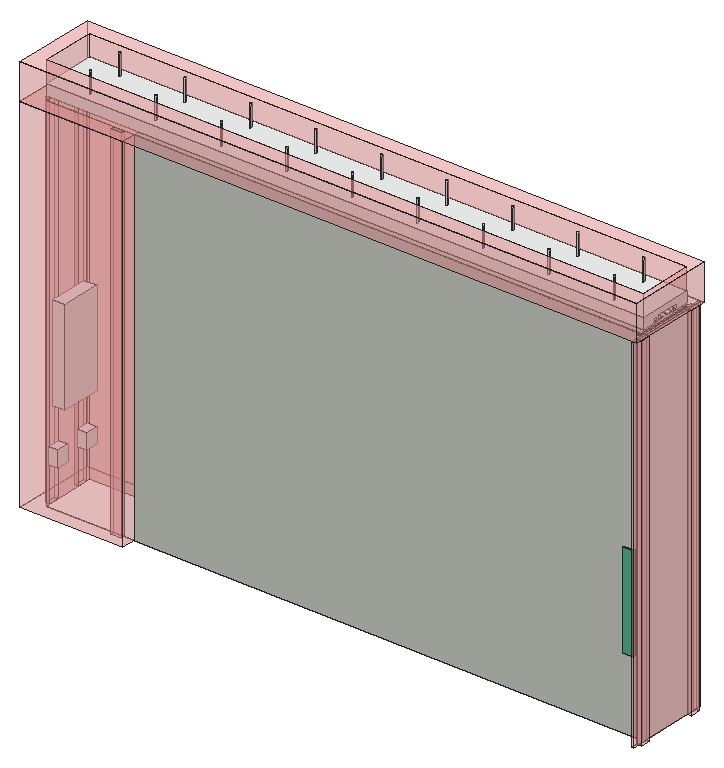
Revit family "Doors-Sliding_WON-DOOR_FireGuard-Straight_Flat-Lead-Post - Test V1 - all heights", category Doors, host Wall, Revit 2022 (continued)
Dimensions and locks (in)
  aligned and locked: plane 18 to Masking region 3 sketch curve
  aligned and locked: Masking region 4 sketch curve to plane 3 "Left"
  aligned and locked: Masking region 4 sketch curve to plane 4 "Right"
  aligned and locked: Masking region 4 sketch curve to plane 18
  aligned and locked: Masking region 4 sketch curve to plane 19
  aligned and locked: Masking region 5 sketch curve to plane 18
  aligned and locked: Masking region 5 sketch curve to plane 19
  aligned and locked: Masking region 5 sketch curve to plane 3 "Left"
  aligned and locked: Masking region 5 sketch curve to plane 4 "Right"
  aligned and locked: Masking region 6 sketch curve to plane 18
  aligned and locked: Masking region 6 sketch curve to plane 19
  aligned and locked: Masking region 6 sketch curve to plane 4 "Right"
  aligned and locked: Masking region 6 sketch curve to plane 3 "Left"
  aligned and locked: Masking region 7 sketch curve to plane 3 "Left"
  aligned and locked: Masking region 7 sketch curve to plane 15
  aligned and locked: Masking region 7 sketch curve to plane 14
  aligned and locked: Masking region 7 sketch curve to plane 13
  aligned and locked: Masking region 7 sketch curve to plane 8
  aligned and locked: Masking region 7 sketch curve to plane 18
  aligned and locked: Masking region 7 sketch curve to plane 19
  aligned and locked: Masking region 8 sketch curve to plane 3 "Left"
  aligned and locked: Masking region 8 sketch curve to Extrusion 14  (x4)
  aligned and locked: Extrusion 14 to Masking region 8 sketch curve
  aligned and locked: Masking region 9 sketch curve to plane 3 "Left"
  aligned and locked: Masking region 9 sketch curve to Extrusion 15  (x3)
  aligned and locked: curve 3 to plane 20
  aligned and locked: Masking region 12 to curve 5
  aligned and locked: Masking region 13 to curve 5
  aligned and locked: curve 6 to Masking region 12
  aligned and locked: Masking region 13 to curve 6
  aligned and locked: curve 4 to plane 1 "Center (Front/Back)"
  aligned and locked: curve 3 to plane 1 "Center (Front/Back)"
  aligned and locked: curve 5 to Masking region 18
  aligned and locked: Masking region 18 to curve 6
  aligned and locked: Masking region 20 to curve 6
  aligned and locked: curve 5 to Masking region 20
  aligned and locked: plane 1 "Center (Front/Back)" to curve 1
  aligned and locked: Masking region 21 sketch curve to plane 18
  aligned and locked: Masking region 21 sketch curve to plane 8
  aligned and locked: Masking region 21 sketch curve to plane 19
  aligned and locked: Masking region 21 sketch curve to plane 3 "Left"
  aligned and locked: Masking region 17 sketch curve to plane 8
  aligned and locked: Masking region 17 sketch curve to plane 18
  aligned and locked: Masking region 19 sketch curve to plane 8
  aligned and locked: Extrusion 3 to plane 5 "Top"
  aligned and locked: Extrusion 17 sketch curve to plane 18
  aligned and locked: Extrusion 17 sketch curve to plane 19
  aligned and locked: Extrusion 17 sketch curve to plane 8
  aligned and locked: Extrusion 17 sketch curve to plane 3 "Left"
  aligned and locked: Extrusion 17 to plane 5 "Top"
  aligned and locked: nested 1 to plane 8
  aligned and locked: nested 1 to plane 1 "Center (Front/Back)"
  aligned and locked: plane 22 to nested 1
  aligned and locked: plane 10 to Extrusion 2 sketch curve
  aligned and locked: Extrusion 2 sketch curve to plane 9
  aligned and locked: plane 18 to Extrusion 2 sketch curve
  aligned and locked: Extrusion 11 sketch curve to plane 19
  aligned and locked: Extrusion 11 sketch curve to plane 18
  aligned and locked: Extrusion 9 sketch curve to plane 19
  aligned and locked: Extrusion 9 sketch curve to plane 18
  aligned and locked: Extrusion 10 sketch curve to plane 19
  aligned and locked: Extrusion 10 sketch curve to plane 18
  aligned and locked: plane 24 to Extrusion 18 sketch curve
  aligned and locked: Extrusion 18 sketch curve to plane 18
  aligned and locked: Extrusion 18 sketch curve to plane 24
  aligned and locked: Extrusion 18 sketch curve to plane 19
  aligned and locked: Extrusion 18 to plane 27  (x2)
  aligned and locked: Extrusion 19 sketch curve to plane 8
  aligned and locked: plane 8 to Extrusion 19 sketch curve
  aligned and locked: Extrusion 20 sketch curve to plane 4 "Right"
  aligned and locked: plane 13 to Extrusion 20 sketch curve
  aligned and locked: plane 14 to Extrusion 20 sketch curve
  aligned and locked: plane 32 to Extrusion 21 sketch curve
  aligned and locked: plane 33 to Extrusion 21 sketch curve
  aligned and locked: Extrusion 18 to plane 5 "Top"
  aligned and locked: Extrusion 19 to plane 5 "Top"
  aligned and locked: Extrusion 21 to plane 5 "Top"
  aligned and locked: Extrusion 20 to plane 5 "Top"
  aligned and locked: Masking region 22 sketch curve to plane 18
  aligned and locked: Masking region 22 sketch curve to plane 19
  aligned and locked: Masking region 22 sketch curve to plane 27
  aligned and locked: plane 24 to Masking region 22 sketch curve
  aligned and locked: plane 27 to Masking region 22 sketch curve
  aligned and locked: Masking region 22 sketch curve to plane 24
  aligned and locked: Masking region 23 sketch curve to plane 8
  aligned and locked: plane 8 to Masking region 23 sketch curve
  aligned and locked: Masking region 24 sketch curve to plane 4 "Right"
  aligned and locked: plane 13 to Masking region 24 sketch curve
  aligned and locked: plane 14 to Masking region 24 sketch curve
  aligned and locked: plane 36 to Masking region 25 sketch curve
  aligned and locked: plane 37 to Masking region 25 sketch curve
  aligned and locked: host wall to Extrusion 13 sketch curve  (x2)
  aligned and locked: Extrusion 13 to plane 5 "Top"
  aligned and locked: Extrusion 13 sketch curve to plane 3 "Left"
  aligned and locked: Extrusion 22 sketch curve to plane 18
  aligned and locked: Extrusion 22 sketch curve to plane 19
  aligned and locked: Extrusion 22 sketch curve to plane 8
  aligned and locked: Extrusion 22 to plane 5 "Top"
  aligned and locked: plane 17 to Extrusion 22
  aligned and locked: Extrusion 12 sketch curve to plane 38
  aligned and locked: Masking region 3 sketch curve to plane 39
  aligned and locked: plane 39 to Masking region 3 sketch curve
  aligned and locked: Extrusion 22 sketch curve to plane 4 "Right"
  aligned and locked: Extrusion 9 to plane 4 "Right"
  aligned and locked: Extrusion 10 to plane 4 "Right"
  aligned and locked: Extrusion 11 to plane 4 "Right"
  aligned and locked: curve 45 to Masking region 7
  aligned and locked: curve 46 to plane 15
  aligned and locked: curve 47 to Masking region 7
  aligned and locked: curve 48 to Masking region 7
  aligned and locked: curve 49 to Masking region 21
  aligned and locked: curve 50 to Masking region 21
  aligned and locked: curve 51 to Masking region 21
  aligned and locked: curve 52 to Masking region 7
  aligned and locked: curve 53 to Masking region 23
  aligned and locked: curve 54 to Masking region 23
  aligned and locked: curve 55 to Masking region 23
  aligned and locked: curve 56 to Masking region 23
  aligned and locked: curve 57 to Masking region 23
  aligned and locked: curve 58 to Masking region 23
  aligned and locked: curve 59 to Masking region 23
  aligned and locked: curve 60 to Masking region 23
  aligned and locked: curve 61 to Masking region 22
  aligned and locked: curve 62 to Masking region 22
  aligned and locked: curve 63 to Masking region 22
  aligned and locked: curve 64 to Masking region 22
  aligned and locked: curve 65 to Masking region 22
  aligned and locked: curve 66 to Masking region 22
  aligned and locked: curve 67 to Masking region 22
  aligned and locked: curve 68 to Masking region 22
  aligned and locked: curve 69 to Masking region 25
  aligned and locked: curve 70 to Masking region 25
  aligned and locked: curve 71 to Masking region 25
  aligned and locked: curve 72 to Masking region 25
  aligned and locked: curve 73 to Masking region 25
  aligned and locked: curve 74 to Masking region 25
  aligned and locked: curve 75 to Masking region 25
  aligned and locked: curve 76 to Masking region 25
  aligned and locked: curve 77 to Masking region 24
  aligned and locked: curve 78 to Masking region 24
  aligned and locked: curve 79 to Masking region 24
  aligned and locked: curve 80 to Masking region 24
  aligned and locked: plane 5 "Top" to Extrusion 23
  aligned and locked: plane 5 "Top" to Extrusion 24
  aligned and locked: Extrusion 25 to plane 5 "Top"
  aligned and locked: Extrusion 26 to plane 5 "Top"
  aligned and locked: Extrusion 1 sketch curve to plane 40
  aligned and locked: Extrusion 27 to plane 5 "Top"
  aligned and locked: Extrusion 27 sketch curve to plane 41
  aligned and locked: Extrusion 27 sketch curve to plane 3 "Left"
  aligned and locked: Extrusion 27 sketch curve to plane 19
  aligned and locked: Extrusion 27 sketch curve to plane 18
  aligned and locked: plane 42 to nested 2  (x2)
  aligned and locked: plane 44 to nested 2
  aligned and locked: plane 45 to nested 2
  aligned and locked: plane 43 to nested 3
  aligned and locked: nested 3 to plane 44
  aligned and locked: nested 3 to plane 45
Automatic sketch dimensions
  Masking region 11 sketch curve to curve 3 = 0' - 0 7/8"
  curve 3 to Masking region 11 sketch curve = 0' - 0.06235"  (x2)
  Masking region 11 sketch curve to Masking region 11 sketch curve = 0' - 0.06836"
  Masking region 11 sketch curve to curve 3 = 0' - 0.03485"
  Masking region 11 sketch curve to Masking region 11 sketch curve = 0' - 0.042"  (x3)
  Masking region 11 sketch curve to curve 3 = 0' - 0.74285"  (x2)
  Masking region 11 sketch curve to Masking region 11 sketch curve = 0' - 1.539"  (x2)
  Masking region 11 sketch curve to Masking region 11 sketch curve = 0' - 0.01642"  (x2)
  Masking region 11 sketch curve to Masking region 11 sketch curve = 0' - 0.36479"  (x2)
  curve 3 to Masking region 11 sketch curve = 0' - 0.11756"
  curve 3 to Masking region 12 sketch curve = 0' - 2.26655"
  Masking region 12 sketch curve to Masking region 12 sketch curve = 0' - 0"  (x38)
  Masking region 12 sketch curve to Masking region 12 sketch curve = 0' - 0.00212"  (x10)
  Masking region 12 sketch curve to Masking region 12 sketch curve = 0' - 0.07411"  (x8)
  Masking region 12 sketch curve to Masking region 12 sketch curve = 0' - 0.07622"  (x2)
  Masking region 12 sketch curve to curve 3 = 0' - 0.56872"  (x2)
  Masking region 12 sketch curve to Masking region 12 sketch curve = 0' - 0.21031"
  Masking region 12 sketch curve to Masking region 12 sketch curve = 0' - 0.03303"  (x2)
  Masking region 12 sketch curve to Masking region 12 sketch curve = 0' - 0.90905"  (x2)
  Masking region 12 sketch curve to Masking region 12 sketch curve = 0' - 0.0008"  (x8)
  Masking region 12 sketch curve to Masking region 12 sketch curve = 0' - 0.00292"  (x2)
  Masking region 12 sketch curve to Masking region 12 sketch curve = 0' - 0.7781"
  Masking region 12 sketch curve to Masking region 12 sketch curve = 0' - 0.00759"  (x2)
  Masking region 12 sketch curve to Masking region 12 sketch curve = 0' - 0.71994"  (x4)
  Masking region 12 sketch curve to Masking region 12 sketch curve = 0' - 0.00469"  (x8)
  Masking region 12 sketch curve to Masking region 12 sketch curve = 0' - 0.00258"  (x4)
  Masking region 12 sketch curve to curve 3 = 0' - 1.94356"  (x2)
  Masking region 12 sketch curve to Masking region 12 sketch curve = 0' - 0.70092"
  Masking region 12 sketch curve to curve 3 = 0' - 1.91845"  (x2)
  Masking region 12 sketch curve to Masking region 12 sketch curve = 0' - 0.00238"  (x2)
  Masking region 12 sketch curve to Masking region 12 sketch curve = 0' - 0.75013"
  Masking region 12 sketch curve to Masking region 12 sketch curve = 0' - 0.0047"  (x8)
  Masking region 12 sketch curve to curve 3 = 0' - 1.91447"  (x2)
  Masking region 12 sketch curve to Masking region 12 sketch curve = 0' - 0.77207"  (x2)
  Masking region 12 sketch curve to curve 3 = 0' - 1.88931"  (x2)
  Masking region 12 sketch curve to Masking region 12 sketch curve = 0' - 0.00213"  (x2)
  Masking region 12 sketch curve to Masking region 12 sketch curve = 0' - 0.4"  (x10)
  Masking region 12 sketch curve to Masking region 12 sketch curve = 0' - 0.0017"  (x8)
  Masking region 12 sketch curve to Masking region 12 sketch curve = 0' - 0.00381"  (x2)
  Masking region 12 sketch curve to curve 3 = 0' - 2.00039"  (x2)
  Masking region 12 sketch curve to Masking region 12 sketch curve = 0' - 0.39066"
  Masking region 12 sketch curve to curve 3 = 0' - 1.9766"  (x2)
  Masking region 12 sketch curve to Masking region 12 sketch curve = 0' - 0.00837"  (x2)
  Masking region 12 sketch curve to Masking region 12 sketch curve = 0' - 0.7478"  (x3)
  Masking region 12 sketch curve to Masking region 12 sketch curve = 0' - 0.00208"  (x8)
  Masking region 12 sketch curve to Masking region 12 sketch curve = 0' - 0.00419"  (x2)
  Masking region 12 sketch curve to curve 3 = 0' - 2.35149"  (x2)
  Masking region 12 sketch curve to Masking region 12 sketch curve = 0' - 0.04907"
  Masking region 12 sketch curve to curve 3 = 0' - 2.32796"  (x2)
  Masking region 12 sketch curve to Masking region 12 sketch curve = 0' - 0.00897"  (x2)
  Masking region 12 sketch curve to Masking region 12 sketch curve = 0' - 0.72011"  (x2)
  Masking region 12 sketch curve to curve 3 = 0' - 3.25135"  (x2)
  Masking region 12 sketch curve to Masking region 12 sketch curve = 0' - 0.00364"  (x8)
  Masking region 12 sketch curve to Masking region 12 sketch curve = 0' - 0.00152"  (x2)
  Masking region 12 sketch curve to curve 3 = 0' - 2.50739"  (x2)
  Masking region 12 sketch curve to Masking region 12 sketch curve = 0' - 0.03785"
  Masking region 12 sketch curve to curve 3 = 0' - 2.4826"  (x2)
  Masking region 12 sketch curve to Masking region 12 sketch curve = 0' - 0.00322"  (x2)
  Masking region 12 sketch curve to curve 3 = 0' - 2.9"  (x2)
  Masking region 12 sketch curve to Masking region 12 sketch curve = 0' - 0.78136"
  Masking region 12 sketch curve to curve 3 = 0' - 3.41063"  (x2)
  Masking region 12 sketch curve to Masking region 12 sketch curve = 0' - 0.02711"  (x3)
  Masking region 12 sketch curve to curve 3 = 0' - 2.89763"  (x2)
  Masking region 12 sketch curve to Masking region 12 sketch curve = 0' - 0.80847"
  Masking region 12 sketch curve to curve 3 = 0' - 2.61662"  (x2)
  Masking region 12 sketch curve to Masking region 12 sketch curve = 0' - 0.07004"  (x9)
  Masking region 12 sketch curve to curve 3 = 0' - 3.68781"  (x2)
  Masking region 12 sketch curve to Masking region 12 sketch curve = 0' - 0.06792"  (x2)
  Masking region 12 sketch curve to curve 3 = 0' - 3.17481"  (x2)
  Masking region 12 sketch curve to curve 3 = 0' - 2.59576"  (x2)
  Masking region 12 sketch curve to Masking region 12 sketch curve = 0' - 0.03345"  (x2)
  Masking region 12 sketch curve to Masking region 12 sketch curve = 0' - 2.98217"
  Masking region 12 sketch curve to curve 3 = 0' - 4.20514"
  Masking region 12 sketch curve to Masking region 12 sketch curve = 0' - 0.03133"
  Masking region 12 sketch curve to curve 3 = 0' - 5.23989"
  Masking region 12 sketch curve to curve 3 = 0' - 4.7219"
  Masking region 12 sketch curve to curve 3 = 0' - 3.92796"
  Masking region 12 sketch curve to curve 3 = 0' - 4.96271"
  Masking region 12 sketch curve to curve 3 = 0' - 4.44471"
  Masking region 12 sketch curve to Masking region 12 sketch curve = 0' - 0.83744"
  Masking region 12 sketch curve to curve 3 = 0' - 4.28168"
  Masking region 12 sketch curve to Masking region 12 sketch curve = 0' - 0.80483"
  Masking region 12 sketch curve to curve 3 = 0' - 4.79844"
  Masking region 12 sketch curve to curve 3 = 0' - 5.31643"
  Masking region 12 sketch curve to Masking region 12 sketch curve = 0' - 0.03421"
  Masking region 12 sketch curve to curve 3 = 0' - 5.03341"
  Masking region 12 sketch curve to curve 3 = 0' - 3.99865"
  Masking region 12 sketch curve to Masking region 12 sketch curve = 0' - 0 45/64"
  Masking region 12 sketch curve to Masking region 12 sketch curve = 0' - 0.69078"
  Masking region 12 sketch curve to curve 3 = 0' - 4.32065"
  Masking region 12 sketch curve to curve 3 = 0' - 3.80389"
  Masking region 12 sketch curve to curve 3 = 0' - 5.12177"
  Masking region 12 sketch curve to curve 3 = 0' - 4.60378"
  Masking region 12 sketch curve to Masking region 12 sketch curve = 0' - 0.38853"
  Masking region 12 sketch curve to curve 3 = 0' - 4.08702"
  Masking region 12 sketch curve to curve 3 = 0' - 3.05669"
  Masking region 12 sketch curve to curve 3 = 0' - 3.28657"
  Masking region 12 sketch curve to Masking region 12 sketch curve = 0' - 0.74543"  (x2)
  Masking region 12 sketch curve to curve 3 = 0' - 3.25145"
  Masking region 12 sketch curve to curve 3 = 0' - 4.51544"
  Masking region 12 sketch curve to curve 3 = 0' - 1.76378"
  Masking region 12 sketch curve to Masking region 12 sketch curve = 0' - 0.7033"
  Masking region 12 sketch curve to curve 3 = 0' - 1.78774"
  Masking region 12 sketch curve to curve 3 = 0' - 3.99868"
  Masking region 12 sketch curve to curve 3 = 0' - 4.79854"
  Masking region 12 sketch curve to curve 3 = 0' - 5.31653"
  Masking region 12 sketch curve to curve 3 = 0' - 3.48135"
  Masking region 12 sketch curve to curve 3 = 0' - 2.96835"
  Masking region 12 sketch curve to curve 3 = 0' - 3.76445"
  Masking region 12 sketch curve to Masking region 12 sketch curve = 0' - 0.78569"
  Masking region 12 sketch curve to curve 3 = 0' - 3.91908"
  Masking region 12 sketch curve to Masking region 12 sketch curve = 0' - 0.90985"
  Masking region 12 sketch curve to curve 3 = 0' - 4.43584"
  Masking region 12 sketch curve to curve 3 = 0' - 4.95383"
  Masking region 12 sketch curve to curve 3 = 0' - 3.40175"
  Masking region 12 sketch curve to curve 3 = 0' - 2.88875"
  Masking region 12 sketch curve to curve 3 = 0' - 4.19564"
  Masking region 12 sketch curve to curve 3 = 0' - 4.7124"
  Masking region 12 sketch curve to curve 3 = 0' - 5.2304"
  Masking region 12 sketch curve to curve 3 = 0' - 3.16532"
  Masking region 12 sketch curve to curve 3 = 0' - 3.67832"
  Masking region 12 sketch curve to Masking region 12 sketch curve = 0' - 0.94882"
  Masking region 12 sketch curve to Masking region 12 sketch curve = 0' - 0.24623"
  Masking region 12 sketch curve to Masking region 12 sketch curve = 0' - 0.01584"  (x2)
  Masking region 12 sketch curve to Masking region 12 sketch curve = 0' - 0.15467"
  Masking region 12 sketch curve to Masking region 12 sketch curve = 0' - 0.02396"
  Masking region 12 sketch curve to Masking region 12 sketch curve = 0' - 0.28313"  (x6)
  Masking region 12 sketch curve to Masking region 12 sketch curve = 0' - 0.8591"
  Masking region 12 sketch curve to Masking region 12 sketch curve = 0' - 1.35536"
  Masking region 12 sketch curve to Masking region 12 sketch curve = 0' - 0.28303"  (x6)
  Masking region 12 sketch curve to Masking region 12 sketch curve = 0' - 0.19479"
  Masking region 12 sketch curve to Masking region 12 sketch curve = 0' - 0.27657"  (x5)
  Masking region 12 sketch curve to Masking region 12 sketch curve = 0' - 0.2831"  (x5)
  Masking region 12 sketch curve to Masking region 12 sketch curve = 0' - 0.22987"
  Masking region 12 sketch curve to Masking region 12 sketch curve = 0' - 0.23643"
  Masking region 12 sketch curve to Masking region 12 sketch curve = 0' - 0.22997"  (x2)
  Masking region 12 sketch curve to Masking region 12 sketch curve = 0' - 0.2299"
  Masking region 12 sketch curve to Masking region 12 sketch curve = 0' - 0.2342"  (x2)
  Masking region 12 sketch curve to Masking region 12 sketch curve = 0' - 0.2343"  (x2)
  Masking region 12 sketch curve to Masking region 12 sketch curve = 0' - 0.24076"
  Masking region 12 sketch curve to Masking region 12 sketch curve = 0' - 0.24014"
  Masking region 12 sketch curve to Masking region 12 sketch curve = 0' - 0.23423"
  Masking region 12 sketch curve to Masking region 12 sketch curve = 0' - 0.27718"  (x3)
  Masking region 12 sketch curve to Masking region 12 sketch curve = 0' - 0.23366"  (x2)
  Masking region 12 sketch curve to Masking region 12 sketch curve = 0' - 0.23363"
  Masking region 12 sketch curve to Masking region 12 sketch curve = 0' - 0.24019"
  Masking region 12 sketch curve to Masking region 12 sketch curve = 0' - 0.23958"
  Masking region 12 sketch curve to Masking region 12 sketch curve = 0' - 0.23373"  (x2)
  Masking region 12 sketch curve to Masking region 12 sketch curve = 0' - 0.23487"  (x2)
  Masking region 12 sketch curve to Masking region 12 sketch curve = 0' - 0.24143"
  Masking region 12 sketch curve to Masking region 12 sketch curve = 0' - 0.24081"
  Masking region 12 sketch curve to Masking region 12 sketch curve = 0' - 0.23497"
  Masking region 12 sketch curve to Masking region 12 sketch curve = 0' - 0.2349"  (x2)
  curve 4 to Masking region 13 sketch curve = 0' - 2.25436"
  Masking region 13 sketch curve to Masking region 13 sketch curve = 0' - 0"  (x28)
  Masking region 13 sketch curve to Masking region 13 sketch curve = 0' - 0.00212"  (x8)
  Masking region 13 sketch curve to Masking region 13 sketch curve = 0' - 0.01219"
  Masking region 13 sketch curve to Masking region 13 sketch curve = 0' - 0.07411"  (x6)
  Masking region 13 sketch curve to Masking region 13 sketch curve = 0' - 0.06191"  (x2)
  Masking region 13 sketch curve to Masking region 13 sketch curve = 0' - 0.07622"  (x2)
  Masking region 13 sketch curve to Masking region 13 sketch curve = 0' - 0.13851"
  Masking region 13 sketch curve to Masking region 13 sketch curve = 0' - 0.03303"  (x2)
  Masking region 13 sketch curve to Masking region 13 sketch curve = 0' - 0.90905"  (x2)
  Masking region 13 sketch curve to Masking region 13 sketch curve = 0' - 0.0008"  (x7)
  Masking region 13 sketch curve to Masking region 13 sketch curve = 0' - 0.00292"  (x2)
  Masking region 13 sketch curve to Masking region 13 sketch curve = 0' - 0.06285"  (x9)
  Masking region 13 sketch curve to Masking region 13 sketch curve = 0' - 0.84991"
  Masking region 13 sketch curve to Masking region 13 sketch curve = 0' - 0.00759"  (x2)
  Masking region 13 sketch curve to Masking region 13 sketch curve = 0' - 0.71994"  (x3)
  Masking region 13 sketch curve to Masking region 13 sketch curve = 0' - 0.6571"  (x2)
  Masking region 13 sketch curve to Masking region 13 sketch curve = 0' - 0.00469"  (x7)
  Masking region 13 sketch curve to Masking region 13 sketch curve = 0' - 0.00258"  (x4)
  Masking region 13 sketch curve to Masking region 13 sketch curve = 0' - 0.70092"
  Masking region 13 sketch curve to Masking region 13 sketch curve = 0' - 0.00238"  (x2)
  Masking region 13 sketch curve to Masking region 13 sketch curve = 0' - 0.74543"  (x2)
  Masking region 13 sketch curve to Masking region 13 sketch curve = 0' - 0.0047"  (x7)
  curve 4 to Masking region 13 sketch curve = 0' - 2.19803"  (x2)
  Masking region 13 sketch curve to Masking region 13 sketch curve = 0' - 0.77207"  (x2)
  curve 4 to Masking region 13 sketch curve = 0' - 2.17286"  (x2)
  Masking region 13 sketch curve to Masking region 13 sketch curve = 0' - 0.00213"  (x2)
  Masking region 13 sketch curve to Masking region 13 sketch curve = 0' - 0.4"  (x8)
  Masking region 13 sketch curve to Masking region 13 sketch curve = 0' - 0.0017"  (x7)
  Masking region 13 sketch curve to Masking region 13 sketch curve = 0' - 0.00381"  (x2)
  curve 4 to Masking region 13 sketch curve = 0' - 2.28394"  (x2)
  Masking region 13 sketch curve to Masking region 13 sketch curve = 0' - 0.39066"
  curve 4 to Masking region 13 sketch curve = 0' - 2.26015"  (x2)
  Masking region 13 sketch curve to Masking region 13 sketch curve = 0' - 0.00837"  (x2)
  Masking region 13 sketch curve to Masking region 13 sketch curve = 0' - 0.74568"
  Masking region 13 sketch curve to Masking region 13 sketch curve = 0' - 0.00208"  (x7)
  Masking region 13 sketch curve to Masking region 13 sketch curve = 0' - 0.00419"  (x2)
  curve 4 to Masking region 13 sketch curve = 0' - 2.63504"  (x2)
  Masking region 13 sketch curve to Masking region 13 sketch curve = 0' - 0.04907"
  curve 4 to Masking region 13 sketch curve = 0' - 2.61152"  (x2)
  Masking region 13 sketch curve to Masking region 13 sketch curve = 0' - 0.00897"  (x2)
  Masking region 13 sketch curve to Masking region 13 sketch curve = 0' - 0.72011"  (x2)
  curve 4 to Masking region 13 sketch curve = 0' - 3.25188"
  Masking region 13 sketch curve to Masking region 13 sketch curve = 0' - 0.65726"  (x2)
  Masking region 13 sketch curve to Masking region 13 sketch curve = 0' - 0.00152"  (x2)
  Masking region 13 sketch curve to Masking region 13 sketch curve = 0' - 0.00364"  (x7)
  curve 4 to Masking region 13 sketch curve = 0' - 2.79095"  (x2)
  Masking region 13 sketch curve to Masking region 13 sketch curve = 0' - 0.03785"
  curve 4 to Masking region 13 sketch curve = 0' - 2.76615"  (x2)
  Masking region 13 sketch curve to Masking region 13 sketch curve = 0' - 0.00322"  (x2)
  curve 4 to Masking region 13 sketch curve = 0' - 3.18356"  (x2)
  Masking region 13 sketch curve to Masking region 13 sketch curve = 0' - 0.78136"
  curve 4 to Masking region 13 sketch curve = 0' - 3.18119"  (x2)
  Masking region 13 sketch curve to Masking region 13 sketch curve = 0' - 0.02711"  (x3)
  curve 4 to Masking region 13 sketch curve = 0' - 3.69419"  (x2)
  Masking region 13 sketch curve to Masking region 13 sketch curve = 0' - 0.80847"
  Masking region 13 sketch curve to Masking region 13 sketch curve = 0' - 0.06118"  (x2)
  curve 4 to Masking region 13 sketch curve = 0' - 3.45837"  (x2)
  Masking region 13 sketch curve to Masking region 13 sketch curve = 0' - 0.07004"  (x7)
  curve 4 to Masking region 13 sketch curve = 0' - 2.90018"  (x2)
  Masking region 13 sketch curve to Masking region 13 sketch curve = 0' - 0.06792"  (x2)
  curve 4 to Masking region 13 sketch curve = 0' - 2.87931"  (x2)
  Masking region 13 sketch curve to Masking region 13 sketch curve = 0' - 0.03345"  (x2)
  Masking region 13 sketch curve to Masking region 13 sketch curve = 0' - 3.00656"
  curve 4 to Masking region 13 sketch curve = 0' - 4.48869"
  Masking region 13 sketch curve to Masking region 13 sketch curve = 0' - 0.03133"
  curve 4 to Masking region 13 sketch curve = 0' - 5.00545"
  curve 4 to Masking region 13 sketch curve = 0' - 3.97137"
  Masking region 13 sketch curve to Masking region 13 sketch curve = 0' - 0.00886"
  curve 4 to Masking region 13 sketch curve = 0' - 5.24627"
  curve 4 to Masking region 13 sketch curve = 0' - 4.72827"
  curve 4 to Masking region 13 sketch curve = 0' - 4.21151"
  Masking region 13 sketch curve to Masking region 13 sketch curve = 0' - 0.74562"
  Masking region 13 sketch curve to Masking region 13 sketch curve = 0' - 0.83744"
  curve 4 to Masking region 13 sketch curve = 0' - 4.56523"
  Masking region 13 sketch curve to Masking region 13 sketch curve = 0' - 0.80483"
  curve 4 to Masking region 13 sketch curve = 0' - 5.08199"
  Masking region 13 sketch curve to Masking region 13 sketch curve = 0' - 0.0592"
  Masking region 13 sketch curve to Masking region 13 sketch curve = 0' - 0.03421"
  curve 4 to Masking region 13 sketch curve = 0' - 4.04791"
  curve 4 to Masking region 13 sketch curve = 0' - 5.31696"
  curve 4 to Masking region 13 sketch curve = 0' - 4.79897"
  curve 4 to Masking region 13 sketch curve = 0' - 3.76488"
  curve 4 to Masking region 13 sketch curve = 0' - 5.55893"
  Masking region 13 sketch curve to Masking region 13 sketch curve = 0' - 0 45/64"
  curve 4 to Masking region 13 sketch curve = 0' - 4.28221"
  curve 4 to Masking region 13 sketch curve = 0' - 3.53491"
  Masking region 13 sketch curve to Masking region 13 sketch curve = 0' - 0.69078"
  Masking region 13 sketch curve to Masking region 13 sketch curve = 0' - 0.68703"
  curve 4 to Masking region 13 sketch curve = 0' - 4.60421"
  Masking region 13 sketch curve to Masking region 13 sketch curve = 0' - 0.7478"
  curve 4 to Masking region 13 sketch curve = 0' - 5.1222"
  curve 4 to Masking region 13 sketch curve = 0' - 3.05712"
  Masking region 13 sketch curve to Masking region 13 sketch curve = 0' - 0.74988"
  curve 4 to Masking region 13 sketch curve = 0' - 3.85325"
  Masking region 13 sketch curve to Masking region 13 sketch curve = 0' - 0.38853"
  Masking region 13 sketch curve to Masking region 13 sketch curve = 0' - 0.40639"
  curve 4 to Masking region 13 sketch curve = 0' - 4.37057"
  curve 4 to Masking region 13 sketch curve = 0' - 4.08745"
  curve 4 to Masking region 13 sketch curve = 0' - 3.57012"
  curve 4 to Masking region 13 sketch curve = 0' - 2.20201"
  curve 4 to Masking region 13 sketch curve = 0' - 2.22712"
  Masking region 13 sketch curve to Masking region 13 sketch curve = 0' - 0.75013"
  Masking region 13 sketch curve to Masking region 13 sketch curve = 0' - 0.05815"
  curve 4 to Masking region 13 sketch curve = 0' - 4.56533"
  curve 4 to Masking region 13 sketch curve = 0' - 4.04801"
  curve 4 to Masking region 13 sketch curve = 0' - 5.31699"
  curve 4 to Masking region 13 sketch curve = 0' - 4.28224"
  curve 4 to Masking region 13 sketch curve = 0' - 3.25191"
  curve 4 to Masking region 13 sketch curve = 0' - 2.04734"
  Masking region 13 sketch curve to Masking region 13 sketch curve = 0' - 0.7033"
  curve 4 to Masking region 13 sketch curve = 0' - 2.0713"
  curve 4 to Masking region 13 sketch curve = 0' - 5.55896"
  curve 4 to Masking region 13 sketch curve = 0' - 5.08209"
  curve 4 to Masking region 13 sketch curve = 0' - 3.76491"
  curve 4 to Masking region 13 sketch curve = 0' - 3.53501"
  Masking region 13 sketch curve to Masking region 13 sketch curve = 0' - 0.8575"
  curve 4 to Masking region 13 sketch curve = 0' - 5.23739"
  Masking region 13 sketch curve to Masking region 13 sketch curve = 0' - 0.90985"  (x2)
  curve 4 to Masking region 13 sketch curve = 0' - 4.71939"
  curve 4 to Masking region 13 sketch curve = 0' - 4.20263"
  curve 4 to Masking region 13 sketch curve = 0' - 3.17231"
  curve 4 to Masking region 13 sketch curve = 0' - 3.68531"
  curve 4 to Masking region 13 sketch curve = 0' - 5.46845"
  curve 4 to Masking region 13 sketch curve = 0' - 4.99596"
  curve 4 to Masking region 13 sketch curve = 0' - 4.4792"
  curve 4 to Masking region 13 sketch curve = 0' - 3.44887"
  curve 4 to Masking region 13 sketch curve = 0' - 3.96187"
  Masking region 13 sketch curve to Masking region 13 sketch curve = 0' - 2.30708"
  Masking region 13 sketch curve to Masking region 13 sketch curve = 0' - 0.00003"
  Masking region 13 sketch curve to Masking region 13 sketch curve = 0' - 0.24212"  (x2)
  Masking region 13 sketch curve to Masking region 13 sketch curve = 0' - 0.07055"
  Masking region 13 sketch curve to Masking region 13 sketch curve = 0' - 0.09052"
  Masking region 13 sketch curve to Masking region 13 sketch curve = 0' - 0.19479"
  Masking region 13 sketch curve to Masking region 13 sketch curve = 0' - 0.24197"  (x4)
  Masking region 13 sketch curve to Masking region 13 sketch curve = 0' - 0.23106"
  Masking region 13 sketch curve to Masking region 13 sketch curve = 0' - 0.2349"
  Masking region 13 sketch curve to Masking region 13 sketch curve = 0' - 0.23497"
  Masking region 13 sketch curve to Masking region 13 sketch curve = 0' - 0.24081"
  Masking region 13 sketch curve to Masking region 13 sketch curve = 0' - 0.24143"
  Masking region 13 sketch curve to Masking region 13 sketch curve = 0' - 0.23487"  (x2)
  Masking region 13 sketch curve to Masking region 13 sketch curve = 0' - 0.23366"  (x2)
  Masking region 13 sketch curve to Masking region 13 sketch curve = 0' - 0.2831"  (x4)
  Masking region 13 sketch curve to Masking region 13 sketch curve = 0' - 0.28303"  (x4)
  Masking region 13 sketch curve to Masking region 13 sketch curve = 0' - 0.27718"  (x2)
  Masking region 13 sketch curve to Masking region 13 sketch curve = 0' - 0.27657"  (x4)
  Masking region 13 sketch curve to Masking region 13 sketch curve = 0' - 0.28313"  (x4)
  Masking region 13 sketch curve to Masking region 13 sketch curve = 0' - 0.23373"
  Masking region 13 sketch curve to Masking region 13 sketch curve = 0' - 0.23958"
  Masking region 13 sketch curve to Masking region 13 sketch curve = 0' - 0.24019"
  Masking region 13 sketch curve to Masking region 13 sketch curve = 0' - 0.23363"
  Masking region 13 sketch curve to Masking region 13 sketch curve = 0' - 0.23423"
  Masking region 13 sketch curve to Masking region 13 sketch curve = 0' - 0.2343"
  Masking region 13 sketch curve to Masking region 13 sketch curve = 0' - 0.24014"
  Masking region 13 sketch curve to Masking region 13 sketch curve = 0' - 0.24076"
  Masking region 13 sketch curve to Masking region 13 sketch curve = 0' - 0.2342"
  Masking region 13 sketch curve to Masking region 13 sketch curve = 0' - 0.2299"
  Masking region 13 sketch curve to Masking region 13 sketch curve = 0' - 0.22997"
  Masking region 13 sketch curve to Masking region 13 sketch curve = 0' - 0.23643"
  Masking region 13 sketch curve to Masking region 13 sketch curve = 0' - 0.22987"  (x2)
  Masking region 13 sketch curve to Masking region 13 sketch curve = 0' - 0.02909"
  Masking region 13 sketch curve to Masking region 13 sketch curve = 0' - 0.02511"
  Masking region 13 sketch curve to Masking region 13 sketch curve = 0' - 0.13071"
  Masking region 13 sketch curve to Masking region 13 sketch curve = 0' - 0.02396"
  Masking region 13 sketch curve to Masking region 13 sketch curve = 0' - 0.27687"  (x2)
  Masking region 13 sketch curve to Masking region 13 sketch curve = 0' - 0.01583"  (x2)
  curve 4 to Masking region 13 sketch curve = 0' - 0.85228"  (x2)
  curve 4 to Masking region 14 sketch curve = 0' - 0.20914"
  curve 4 to Masking region 14 sketch curve = 0' - 0 1/8"  (x2)
  Masking region 14 sketch curve to Masking region 14 sketch curve = 0' - 1"  (x2)
  Masking region 14 sketch curve to Masking region 14 sketch curve = 0' - 0"  (x2)
  Masking region 14 sketch curve to Masking region 14 sketch curve = 0' - 1.2898"  (x2)
  Masking region 14 sketch curve to Masking region 14 sketch curve = 0' - 0.13186"  (x2)
  curve 4 to Masking region 14 sketch curve = 0' - 0.083"  (x2)
  Masking region 14 sketch curve to Masking region 14 sketch curve = 0' - 0.834"  (x2)
  curve 4 to Masking region 14 sketch curve = 0' - 0.917"
  Masking region 14 sketch curve to Masking region 14 sketch curve = 0' - 11.0704"
  Masking region 14 sketch curve to Masking region 14 sketch curve = 0' - 0.792"
  Masking region 14 sketch curve to Masking region 14 sketch curve = 0' - 0 5/8"
  Masking region 14 sketch curve to Masking region 14 sketch curve = 0' - 0.167"
  Masking region 14 sketch curve to Masking region 14 sketch curve = 0' - 0 1/8"  (x2)
  curve 4 to Masking region 14 sketch curve = 0' - 0 1/4"
  Masking region 14 sketch curve to curve 4 = 0' - 0 1/4"
  curve 3 to Masking region 15 sketch curve = 0' - 2.26401"
  Masking region 15 sketch curve to Masking region 15 sketch curve = 0' - 0.00254"
  Masking region 15 sketch curve to Masking region 15 sketch curve = 0' - 0.00212"  (x3)
  Masking region 15 sketch curve to Masking region 15 sketch curve = 0' - 0"  (x10)
  Masking region 15 sketch curve to Masking region 15 sketch curve = 0' - 0.07665"  (x3)
  Masking region 15 sketch curve to Masking region 15 sketch curve = 0' - 0.07411"  (x5)
  Masking region 15 sketch curve to Masking region 15 sketch curve = 0' - 0.07622"  (x2)
  Masking region 15 sketch curve to Masking region 15 sketch curve = 0' - 0.21031"
  Masking region 15 sketch curve to Masking region 15 sketch curve = 0' - 0.03303"  (x2)
  Masking region 15 sketch curve to curve 3 = 0' - 2.88875"  (x2)
  Masking region 15 sketch curve to Masking region 15 sketch curve = 0' - 4.79817"  (x2)
  Masking region 15 sketch curve to curve 3 = 0' - 3.40175"  (x2)
  Masking region 15 sketch curve to Masking region 15 sketch curve = 0' - 0.02101"
  Masking region 15 sketch curve to curve 3 = 0' - 2.89763"  (x2)
  Masking region 15 sketch curve to Masking region 15 sketch curve = 0' - 0.02325"  (x2)
  Masking region 15 sketch curve to curve 3 = 0' - 3.67832"  (x2)
  Masking region 15 sketch curve to Masking region 15 sketch curve = 0' - 0.06777"  (x2)
  Masking region 15 sketch curve to Masking region 15 sketch curve = 0' - 0.06989"  (x5)
  Masking region 15 sketch curve to curve 3 = 0' - 3.17481"  (x2)
  Masking region 15 sketch curve to Masking region 15 sketch curve = 0' - 0.07228"  (x2)
  Masking region 15 sketch curve to curve 3 = 0' - 2.61662"  (x2)
  Masking region 15 sketch curve to Masking region 15 sketch curve = 0' - 0.0933"
  Masking region 15 sketch curve to curve 3 = 0' - 2.59576"  (x2)
  Masking region 15 sketch curve to Masking region 15 sketch curve = 0' - 0.03345"  (x2)
  Masking region 15 sketch curve to Masking region 15 sketch curve = 0' - 2.98217"
  Masking region 15 sketch curve to curve 3 = 0' - 4.19564"
  Masking region 15 sketch curve to Masking region 15 sketch curve = 0' - 0.00028"
  Masking region 15 sketch curve to curve 3 = 0' - 4.7124"
  Masking region 15 sketch curve to Masking region 15 sketch curve = 0' - 0.0024"
  Masking region 15 sketch curve to Masking region 15 sketch curve = 0' - 0.07004"
  Masking region 15 sketch curve to curve 3 = 0' - 4.43584"
  Masking region 15 sketch curve to curve 3 = 0' - 3.91908"
  Masking region 15 sketch curve to curve 3 = 0' - 1.51243"
  Masking region 15 sketch curve to curve 3 = 0' - 4.95383"
  Masking region 15 sketch curve to Masking region 15 sketch curve = 0' - 0.2082"
  Masking region 15 sketch curve to curve 3 = 0' - 0.56872"  (x2)
  Masking region 15 sketch curve to Masking region 15 sketch curve = 0' - 0.94371"
  Masking region 15 sketch curve to Masking region 15 sketch curve = 0' - 0.02096"  (x2)
  Masking region 15 sketch curve to Masking region 15 sketch curve = 0' - 0.24076"
  Masking region 15 sketch curve to Masking region 15 sketch curve = 0' - 0.27657"  (x4)
  Masking region 15 sketch curve to Masking region 15 sketch curve = 0' - 0.24019"
  Masking region 15 sketch curve to Masking region 15 sketch curve = 0' - 0.24143"
  curve 4 to Masking region 16 sketch curve = 0' - 2.25182"
  Masking region 16 sketch curve to Masking region 16 sketch curve = 0' - 0.00254"
  Masking region 16 sketch curve to Masking region 16 sketch curve = 0' - 0.00212"  (x3)
  Masking region 16 sketch curve to Masking region 16 sketch curve = 0' - 0"  (x7)
  Masking region 16 sketch curve to Masking region 16 sketch curve = 0' - 0.01219"
  Masking region 16 sketch curve to Masking region 16 sketch curve = 0' - 0.07665"  (x3)
  Masking region 16 sketch curve to Masking region 16 sketch curve = 0' - 0.07622"  (x2)
  Masking region 16 sketch curve to Masking region 16 sketch curve = 0' - 0.06191"  (x2)
  Masking region 16 sketch curve to Masking region 16 sketch curve = 0' - 0.07411"  (x3)
  Masking region 16 sketch curve to Masking region 16 sketch curve = 0' - 0.13851"
  Masking region 16 sketch curve to Masking region 16 sketch curve = 0' - 0.03303"  (x2)
  Masking region 16 sketch curve to Masking region 16 sketch curve = 0' - 5.04151"
  curve 4 to Masking region 16 sketch curve = 0' - 3.68531"  (x2)
  Masking region 16 sketch curve to Masking region 16 sketch curve = 0' - 0.02101"
  curve 4 to Masking region 16 sketch curve = 0' - 3.18119"  (x2)
  Masking region 16 sketch curve to Masking region 16 sketch curve = 0' - 0.02325"  (x2)
  Masking region 16 sketch curve to Masking region 16 sketch curve = 0' - 0.05839"  (x2)
  Masking region 16 sketch curve to Masking region 16 sketch curve = 0' - 0.06777"  (x2)
  Masking region 16 sketch curve to Masking region 16 sketch curve = 0' - 0.06989"  (x3)
  Masking region 16 sketch curve to Masking region 16 sketch curve = 0' - 0.07228"  (x2)
  curve 4 to Masking region 16 sketch curve = 0' - 2.90018"  (x2)
  Masking region 16 sketch curve to Masking region 16 sketch curve = 0' - 0.0933"
  curve 4 to Masking region 16 sketch curve = 0' - 2.87931"  (x2)
  Masking region 16 sketch curve to Masking region 16 sketch curve = 0' - 0.03345"  (x3)
  Masking region 16 sketch curve to Masking region 16 sketch curve = 0' - 3.00656"
  Masking region 16 sketch curve to Masking region 16 sketch curve = 0' - 0.00028"
  curve 4 to Masking region 16 sketch curve = 0' - 4.99596"
  Masking region 16 sketch curve to Masking region 16 sketch curve = 0' - 0.0024"
  Masking region 16 sketch curve to Masking region 16 sketch curve = 0' - 0.0115"
  Masking region 16 sketch curve to Masking region 16 sketch curve = 0' - 0.07004"
  curve 4 to Masking region 16 sketch curve = 0' - 4.20263"
  curve 4 to Masking region 16 sketch curve = 0' - 5.23739"
  curve 4 to Masking region 16 sketch curve = 0' - 3.17231"
  curve 4 to Masking region 16 sketch curve = 0' - 0.85228"  (x2)
  Masking region 16 sketch curve to Masking region 16 sketch curve = 0' - 4.96327"
  Masking region 16 sketch curve to Masking region 16 sketch curve = 0' - 0.13639"
  curve 4 to Masking region 16 sketch curve = 0' - 3.45837"
  Masking region 16 sketch curve to Masking region 16 sketch curve = 0' - 1.78314"
  Masking region 16 sketch curve to Masking region 16 sketch curve = 0' - 0.23106"  (x2)
  Masking region 16 sketch curve to Masking region 16 sketch curve = 0' - 0.24143"
  Masking region 16 sketch curve to Masking region 16 sketch curve = 0' - 0.27657"  (x3)
  Masking region 16 sketch curve to Masking region 16 sketch curve = 0' - 0.24019"  (x2)
  Masking region 16 sketch curve to Masking region 16 sketch curve = 0' - 0.24076"  (x2)
  Masking region 16 sketch curve to Masking region 16 sketch curve = 0' - 0.22694"
  Masking region 16 sketch curve to Masking region 16 sketch curve = 0' - 0.28606"
  Masking region 16 sketch curve to Masking region 16 sketch curve = 0' - 0.94215"
  Masking region 16 sketch curve to Masking region 16 sketch curve = 0' - 1.37788"
  Masking region 16 sketch curve to Masking region 16 sketch curve = 0' - 0.02096"  (x2)
  curve 3 to Masking region 17 sketch curve = 0' - 0.03485"
  Masking region 17 sketch curve to curve 3 = 0' - 0.74285"  (x2)
  curve 3 to Masking region 17 sketch curve = 0' - 2.584"
  Masking region 17 sketch curve to curve 3 = 0' - 0.042"
  Masking region 17 sketch curve to Masking region 17 sketch curve = 0' - 2.584"
  Masking region 19 sketch curve to curve 3 = 0' - 0.74285"
  curve 3 to Masking region 19 sketch curve = 0' - 2.584"
  Masking region 19 sketch curve to curve 3 = 0' - 0.03485"
  curve 3 to Masking region 18 sketch curve = 0' - 2.26867"  (x2)
  Masking region 18 sketch curve to Masking region 18 sketch curve = 0' - 5.1135"  (x2)
  Masking region 18 sketch curve to curve 3 = 0' - 2.61662"  (x2)
  Masking region 18 sketch curve to Masking region 18 sketch curve = 0' - 0.0933"  (x2)
  Masking region 18 sketch curve to Masking region 18 sketch curve = 0' - 3.04907"
  Masking region 18 sketch curve to curve 3 = 0' - 2.88875"
  Masking region 18 sketch curve to curve 3 = 0' - 1.47129"
  Masking region 18 sketch curve to Masking region 18 sketch curve = 0' - 0.72844"  (x2)
  Masking region 18 sketch curve to Masking region 18 sketch curve = 0' - 0.27213"
  curve 3 to Masking region 18 sketch curve = 0' - 5.2304"
  Masking region 18 sketch curve to Masking region 18 sketch curve = 0' - 0"
  curve 4 to Masking region 20 sketch curve = 0' - 2.26867"
  Masking region 20 sketch curve to Masking region 20 sketch curve = 0' - 0.0933"  (x2)
  Masking region 20 sketch curve to Masking region 20 sketch curve = 0' - 3.04907"
  Masking region 20 sketch curve to Masking region 20 sketch curve = 0' - 5.1135"  (x2)
  Masking region 20 sketch curve to Masking region 20 sketch curve = 0' - 0.27213"  (x2)
  Masking region 20 sketch curve to curve 4 = 0' - 5.46845"
  curve 4 to Masking region 20 sketch curve = 0' - 1"
  Masking region 20 sketch curve to Masking region 20 sketch curve = 0' - 0.70934"  (x2)
  Masking region 20 sketch curve to Masking region 20 sketch curve = 0' - 1.41746"  (x2)
  Masking region 20 sketch curve to Masking region 20 sketch curve = 0' - 0"  (x2)
  Masking region 11 sketch curve to Masking region 11 sketch curve = 0' - 0.54506"
  Masking region 11 sketch curve to Masking region 11 sketch curve = 0' - 0.10152"  (x2)
  curve 3 to Masking region 11 sketch curve = 0' - 0.05295"
  Masking region 11 sketch curve to Masking region 11 sketch curve = 0' - 0.26902"  (x2)
  Masking region 11 sketch curve to Masking region 11 sketch curve = 0' - 0.68579"  (x2)
  Masking region 11 sketch curve to Masking region 11 sketch curve = 0' - 1.542"
  Masking region 11 sketch curve to Masking region 11 sketch curve = 0' - 0.084"  (x4)
  Masking region 11 sketch curve to curve 3 = 0' - 0.084"
  Masking region 11 sketch curve to curve 3 = 0' - 0.042"
  curve 3 to Masking region 11 sketch curve = 0' - 4.667"
  Masking region 11 sketch curve to curve 3 = 0' - 0.07685"
  Masking region 11 sketch curve to Masking region 11 sketch curve = 0' - 1.09207"
  Masking region 11 sketch curve to Masking region 11 sketch curve = 0' - 0.44993"
  curve 3 to Masking region 11 sketch curve = 0' - 0.16714"
  Masking region 11 sketch curve to Masking region 11 sketch curve = 0' - 0.21167"
  Masking region 11 sketch curve to Masking region 11 sketch curve = 0' - 0.11756"
  Masking region 11 sketch curve to curve 3 = 0' - 4 3/4"
  Masking region 11 sketch curve to curve 3 = 0' - 0"
  Masking region 11 sketch curve to Masking region 11 sketch curve = 0' - 0.76414"
  Masking region 17 sketch curve to Masking region 17 sketch curve = 0' - 1.707"  (x2)
  curve 3 to Masking region 17 sketch curve = 0' - 4.709"
  Masking region 17 sketch curve to curve 3 = 0' - 0.03485"
  Masking region 19 sketch curve to Masking region 19 sketch curve = 0' - 2.584"
  curve 3 to Masking region 19 sketch curve = 0' - 6.416"
  Masking region 19 sketch curve to curve 3 = 0' - 0"
  curve 3 to Masking region 19 sketch curve = 0' - 0.03485"
  curve 7 to curve 3 = 0' - 0"
  curve 7 to curve 3 = 0' - 0 7/8"
  curve 3 to curve 7 = 0' - 0.03108"
  curve 3 to curve 10 = 0' - 0.66262"
  curve 3 to curve 12 = 0' - 0.09358"
  curve 10 to curve 12 = 0' - 0.06945"
  curve 10 to curve 11 = 0' - 0.10152"
  curve 13 to curve 3 = 0' - 0.0036"
  curve 12 to curve 13 = 0' - 0.29918"
  curve 11 to curve 9 = 0' - 0.68579"
  curve 15 to curve 16 = 0' - 0.07325"
  curve 22 to curve 3 = 0' - 0.01075"
  curve 25 to curve 25 = 0' - 0.05275"
  curve 30 to curve 3 = 0' - 0.0036"
  curve 29 to curve 35 = 0' - 1.09207"
  curve 3 to curve 31 = 0' - 0.08313"
  curve 35 to curve 31 = 0' - 0.41868"
  curve 35 to curve 33 = 0' - 0.68579"
  curve 3 to curve 32 = 0' - 0.09358"
  curve 31 to curve 32 = 0' - 0.29918"
  curve 33 to curve 34 = 0' - 0.10152"
  curve 3 to curve 8 = 0' - 0.87829"
  curve 34 to curve 8 = 0' - 0.63154"
  curve 11 to curve 7 = 0' - 0.13367"
  curve 33 to curve 8 = 0' - 0.13367"
  curve 35 to curve 33 = 0' - 0.01642"
  curve 9 to curve 11 = 0' - 0.01642"
  curve 11 to curve 10 = 0' - 0.36479"
  curve 33 to curve 34 = 0' - 0.36479"
  curve 3 to curve 13 = 0' - 0.08313"
  curve 3 to curve 9 = 0' - 0.14643"
  curve 3 to curve 11 = 0' - 0.19398"
  curve 3 to curve 33 = 0' - 0.19398"
  curve 3 to curve 8 = 0' - 0 7/8"
  curve 8 to curve 8 = 0' - 0.03108"
  curve 9 to curve 14 = 0' - 1.09207"
  curve 16 to curve 18 = 0' - 0.05275"
  curve 17 to curve 3 = 0' - 0.7116"
  curve 17 to curve 17 = 0' - 1.539"
  curve 19 to curve 20 = 0' - 0.05275"
  curve 21 to curve 21 = 0' - 0.07325"
  curve 23 to curve 3 = 0' - 0.084"
  curve 3 to curve 23 = 0' - 4.667"
  curve 25 to curve 27 = 0' - 1.539"
  curve 27 to curve 28 = 0' - 0.05275"
  curve 28 to curve 29 = 0' - 0.07325"
  curve 28 to curve 28 = 0' - 0.582"
  curve 36 to curve 3 = 0' - 0"  (x2)
  curve 39 to curve 3 = 0' - 0"
  curve 15 to curve 36 = 0' - 0.01075"
  curve 39 to curve 20 = 0' - 0.01075"
  curve 23 to curve 41 = 0' - 0.084"
  curve 3 to curve 43 = 0' - 0.00634"
  curve 43 to curve 28 = 0' - 0.01075"
  curve 27 to curve 43 = 0' - 0.042"
  curve 16 to curve 37 = 0' - 0.042"
  curve 34 to curve 44 = 0' - 0.34538"
  curve 2 to plane 5 "Top" = 0' - 1.00267"
  curve 4 to Extrusion 25 sketch curve = 0' - 2 1/2"
  Extrusion 25 sketch curve to curve 4 = 0' - 1.63003"
  Extrusion 25 sketch curve to Extrusion 25 sketch curve = 0' - 0.0933"  (x2)
  curve 4 to Extrusion 25 sketch curve = 0' - 1.53673"
  curve 4 to Extrusion 25 sketch curve = 0' - 1"
  Extrusion 25 sketch curve to Extrusion 25 sketch curve = 0' - 4.96327"
  Extrusion 25 sketch curve to Extrusion 25 sketch curve = 0' - 1.50443"  (x2)
  Extrusion 25 sketch curve to curve 4 = 0' - 3.60287"  (x2)
  Extrusion 25 sketch curve to Extrusion 25 sketch curve = 0' - 0.27213"
  curve 4 to Extrusion 26 sketch curve = 0' - 2 1/2"
  curve 4 to Extrusion 26 sketch curve = 0' - 1"
  curve 4 to Extrusion 26 sketch curve = 0' - 6 1/2"
  Extrusion 26 sketch curve to Extrusion 26 sketch curve = 0' - 2 7/8"
  Extrusion 1 sketch curve to host wall = 0' - 0"
  Extrusion 1 sketch curve to plane 3 "Left" = 0' - 0"
  host wall to Extrusion 1 sketch curve = 0' - 0"
  Extrusion 3 sketch curve to plane 20 = 0' - 0"
  Extrusion 3 sketch curve to plane 24 = 0' - 0 3/4"
  Extrusion 4 sketch curve to plane 3 "Left" = 0' - 0"
  Extrusion 5 sketch curve to curve 1 = 0' - 0"
  curve 1 to Extrusion 5 sketch curve = 0' - 8 1/4"
  curve 1 to Extrusion 5 sketch curve = 0' - 1.09079"
  Extrusion 5 sketch curve to Extrusion 5 sketch curve = 0' - 1.32689"
  Extrusion 5 sketch curve to Extrusion 5 sketch curve = 0' - 0.16071"
  Extrusion 5 sketch curve to Extrusion 5 sketch curve = 0' - 0.74069"
  Extrusion 5 sketch curve to Extrusion 5 sketch curve = 0' - 0.15894"
  Extrusion 5 sketch curve to Extrusion 5 sketch curve = 0' - 0.19345"
  Extrusion 5 sketch curve to Extrusion 5 sketch curve = 0' - 0.16511"
  curve 1 to Extrusion 5 sketch curve = 0' - 0.41471"
  Extrusion 6 sketch curve to curve 1 = 0' - 0"
  curve 1 to Extrusion 6 sketch curve = 0' - 0.93185"
  curve 1 to Extrusion 6 sketch curve = 0' - 9"
  Extrusion 6 sketch curve to Extrusion 6 sketch curve = 0' - 0.74069"
  curve 1 to Extrusion 6 sketch curve = 0' - 1.09079"
  Extrusion 6 sketch curve to Extrusion 6 sketch curve = 0' - 0.16071"
  curve 1 to Extrusion 6 sketch curve = 0' - 0.41471"
  Extrusion 6 sketch curve to Extrusion 6 sketch curve = 0' - 1.32689"
  Extrusion 6 sketch curve to Extrusion 6 sketch curve = 0' - 0.19345"
  Extrusion 6 sketch curve to Extrusion 6 sketch curve = 0' - 0.16511"
  Extrusion 7 sketch curve to curve 1 = 0' - 0"
  curve 1 to Extrusion 7 sketch curve = 0' - 1.09079"
  curve 1 to Extrusion 7 sketch curve = 0' - 9"
  Extrusion 7 sketch curve to Extrusion 7 sketch curve = 0' - 0.74069"
  Extrusion 7 sketch curve to Extrusion 7 sketch curve = 0' - 1.4876"
  Extrusion 7 sketch curve to Extrusion 7 sketch curve = 0' - 0.19345"
  Extrusion 8 sketch curve to curve 1 = 0' - 0"
  curve 1 to Extrusion 8 sketch curve = 0' - 8 1/4"
  Extrusion 8 sketch curve to Extrusion 8 sketch curve = 0' - 1.4876"
  Extrusion 8 sketch curve to Extrusion 8 sketch curve = 0' - 0.74069"
  curve 1 to Extrusion 8 sketch curve = 0' - 0.89734"
  Extrusion 8 sketch curve to Extrusion 8 sketch curve = 0' - 0.19345"
  curve 2 to Extrusion 9 sketch curve = 0' - 1.99033"
  Extrusion 9 sketch curve to Extrusion 9 sketch curve = 0' - 4.113"
  Extrusion 9 sketch curve to Extrusion 9 sketch curve = 0' - 0.425"  (x4)
  Extrusion 9 sketch curve to Extrusion 9 sketch curve = 0' - 0 3/4"  (x2)
  Extrusion 9 sketch curve to Extrusion 9 sketch curve = 0' - 0.099"
  Extrusion 9 sketch curve to Extrusion 9 sketch curve = 0' - 0.208"  (x2)
  curve 2 to Extrusion 9 sketch curve = 0' - 0.76733"
  Extrusion 9 sketch curve to Extrusion 9 sketch curve = 0' - 2.196"  (x2)
  curve 2 to Extrusion 9 sketch curve = 0' - 0.65833"
  Extrusion 9 sketch curve to Extrusion 9 sketch curve = 0' - 1.766"
  Extrusion 9 sketch curve to Extrusion 9 sketch curve = 0' - 0.109"  (x3)
  Extrusion 9 sketch curve to Extrusion 9 sketch curve = 0' - 1.332"
  Extrusion 9 sketch curve to Extrusion 9 sketch curve = 0' - 0.148"
  curve 2 to Extrusion 9 sketch curve = 0' - 3.99233"
  curve 2 to Extrusion 9 sketch curve = 0' - 0.58283"  (x2)
  Extrusion 9 sketch curve to Extrusion 9 sketch curve = 0' - 0.0755"  (x2)
  Extrusion 9 sketch curve to Extrusion 9 sketch curve = 0' - 0.0835"  (x2)
  Extrusion 9 sketch curve to Extrusion 9 sketch curve = 0' - 0.0865"  (x2)
  curve 2 to Extrusion 10 sketch curve = 0' - 0.49933"  (x2)
  Extrusion 10 sketch curve to Extrusion 10 sketch curve = 0' - 5.921"  (x2)
  Extrusion 10 sketch curve to Extrusion 10 sketch curve = 0' - 1.639"
  Extrusion 10 sketch curve to Extrusion 10 sketch curve = 0' - 3.493"
  Extrusion 11 sketch curve to curve 2 = 0' - 3.99233"
  curve 2 to Extrusion 11 sketch curve = 0' - 0.49933"
  plane 3 "Left" to Extrusion 14 sketch curve = 0' - 0 7/16"
  Masking region 1 sketch curve to curve 1 = 0' - 0"  (x2)
  curve 1 to Masking region 1 sketch curve = 0' - 0.41471"  (x2)
  curve 1 to Masking region 1 sketch curve = 0' - 8 1/4"
  curve 1 to Masking region 1 sketch curve = 0' - 1.09079"  (x2)
  Masking region 1 sketch curve to Masking region 1 sketch curve = 0' - 1.32689"  (x2)
  curve 1 to Masking region 1 sketch curve = 0' - 0.89734"
  Masking region 1 sketch curve to Masking region 1 sketch curve = 0' - 0.16071"  (x2)
  Masking region 1 sketch curve to Masking region 1 sketch curve = 0' - 0.74069"  (x2)
  curve 1 to Masking region 1 sketch curve = 0' - 0.93185"
  curve 1 to Masking region 1 sketch curve = 0' - 9"
  Masking region 1 sketch curve to Masking region 1 sketch curve = 0' - 0.0345"
  Masking region 1 sketch curve to Masking region 1 sketch curve = 0' - 0.19345"
  Masking region 1 sketch curve to Masking region 1 sketch curve = 0' - 0.16511"  (x2)
  Masking region 2 sketch curve to curve 1 = 0' - 0"  (x2)
  curve 1 to Masking region 2 sketch curve = 0' - 8 1/4"
  Masking region 2 sketch curve to Masking region 2 sketch curve = 0' - 1.4876"  (x2)
  Masking region 2 sketch curve to Masking region 2 sketch curve = 0' - 0.74069"  (x2)
  curve 1 to Masking region 2 sketch curve = 0' - 0.89734"  (x2)
  curve 1 to Masking region 2 sketch curve = 0' - 9"
  Masking region 2 sketch curve to Masking region 2 sketch curve = 0' - 0.19345"  (x2)
  Masking region 3 sketch curve to plane 39 = 0' - 3 1/4"  (x2)
  Masking region 7 sketch curve to plane 3 "Left" = 0' - 0"
  Extrusion 18 sketch curve to plane 27 = 0' - 0"  (x2)
  Extrusion 18 sketch curve to plane 25 = 0' - 0"
  Extrusion 18 sketch curve to plane 26 = 0' - 0"
  Extrusion 20 sketch curve to plane 4 "Right" = 0' - 0"
  Masking region 22 sketch curve to plane 35 = 0' - 0"
  Masking region 22 sketch curve to plane 34 = 0' - 0"
  curve 1 to curve 82 = 0' - 0.89734"
  curve 82 to curve 1 = 0' - 9"
  curve 82 to curve 81 = 0' - 0"  (x2)
  curve 1 to curve 81 = 0' - 0.76674"
  curve 1 to curve 81 = 0' - 9"
  Extrusion 23 sketch curve to curve 1 = 0' - 0"
  curve 1 to Extrusion 23 sketch curve = 0' - 9.7376"
  curve 1 to Extrusion 23 sketch curve = 0' - 0.76674"
  Extrusion 23 sketch curve to Extrusion 23 sketch curve = 0' - 0.74069"  (x2)
  curve 1 to Extrusion 23 sketch curve = 0' - 9"
  curve 1 to Extrusion 23 sketch curve = 0' - 0.89734"
  Extrusion 23 sketch curve to Extrusion 23 sketch curve = 0' - 0.1306"
  Extrusion 24 sketch curve to curve 1 = 0' - 0"
  curve 1 to Extrusion 24 sketch curve = 0' - 0.89734"
  curve 1 to Extrusion 24 sketch curve = 0' - 9.7376"
  curve 1 to Extrusion 24 sketch curve = 0' - 9.74069"
  curve 4 to plane 3 "Left" = 0' - 0"
  plane 30 to curve 58 = 0' - 0"
  curve 54 to plane 29 = 0' - 0"
  curve 53 to plane 28 = 0' - 0"
  plane 31 to curve 56 = 0' - 0"
  curve 56 to plane 8 = 0' - 0"
  curve 60 to plane 8 = 0' - 0"
  curve 59 to plane 8 = 0' - 0"
  curve 62 to host wall = 0' - 0"
  curve 62 to plane 27 = 0' - 0"
  host wall to curve 65 = 0' - 0"
  curve 65 to plane 27 = 0' - 0"
  curve 67 to plane 24 = 0' - 0"
  curve 61 to plane 24 = 0' - 0"
  curve 45 to plane 3 "Left" = 0' - 0"
  curve 48 to plane 3 "Left" = 0' - 0"
  curve 77 to plane 4 "Right" = 0' - 0"
  curve 80 to plane 13 = 0' - 0"
  curve 79 to plane 14 = 0' - 0"
  curve 45 to plane 14 = 0' - 0"
  host wall to curve 68 = 0' - 0"
  curve 64 to host wall = 0' - 0"
  curve 48 to plane 13 = 0' - 0"
  curve 58 to curve 59 = 0' - 1 1/4"
  curve 54 to curve 60 = 0' - 1 1/4"
  curve 72 to plane 4 "Right" = 0' - 0 5/8"
  curve 78 to curve 80 = 0' - 0 5/8"
  curve 74 to plane 4 "Right" = 0' - 0 5/8"
  curve 74 to host wall = 0' - 0 1/2"
  curve 74 to curve 74 = 0' - 1 1/4"
  curve 71 to host wall = 0' - 0 1/2"
  curve 71 to curve 71 = 0' - 1 1/4"
  curve 77 to curve 75 = 0' - 1 3/4"
  curve 67 to curve 68 = 0' - 1 1/4"
  host wall to curve 63 = 0' - 1 1/4"
  curve 70 to plane 13 = 0' - 1 3/4"
Nested families (in)
  nested 1: "Electrical_Won-Door_Doors" at (-111.5, 0, 0), Voltage <- "Voltage", Power Factor <- "Power Factor", Number of Poles <- "Number of Poles", Apparent Load <- "Apparent Load", Connector Description <- "Connector Description", Current <- "Current", type "Electrical_Won-Door_Doors"
    with Voltage 120 V, Power Factor 1, Number of Poles 1, Current 10 A, Connector Description "100-240 VAC, 60/50 Hz, 10 AMP", Apparent Load 1200 VA
  nested 2: "Rod_element" at (-101, 0, 124.99609), visible <- "Threaded Rods ( by Won - Door )", built-in parameter 1001360 <- "Elevation From", type "Rod_element"
  nested 3: "Rod_element" at (72, 0, 124.99609), visible <- "Threaded Rods ( by Won - Door )", built-in parameter 1001360 <- "Elevation From", type "Rod_element"
  nested 4: "Rod_element" at (-79.375, 0, 124.99609), visible <- "Threaded Rods ( by Won - Door )", built-in parameter 1001360 <- "Elevation From", type "Rod_element"
  nested 5: "Rod_element" at (-57.75, 0, 124.99609), visible <- "Threaded Rods ( by Won - Door )", built-in parameter 1001360 <- "Elevation From", type "Rod_element"
  nested 6: "Rod_element" at (-36.125, 0, 124.99609), visible <- "Threaded Rods ( by Won - Door )", built-in parameter 1001360 <- "Elevation From", type "Rod_element"
  nested 7: "Rod_element" at (-14.5, 0, 124.99609), visible <- "Threaded Rods ( by Won - Door )", built-in parameter 1001360 <- "Elevation From", type "Rod_element"
  nested 8: "Rod_element" at (7.125, 0, 124.99609), visible <- "Threaded Rods ( by Won - Door )", built-in parameter 1001360 <- "Elevation From", type "Rod_element"
  nested 9: "Rod_element" at (28.75, 0, 124.99609), visible <- "Threaded Rods ( by Won - Door )", built-in parameter 1001360 <- "Elevation From", type "Rod_element"
  nested 10: "Rod_element" at (50.375, 0, 124.99609), visible <- "Threaded Rods ( by Won - Door )", built-in parameter 1001360 <- "Elevation From", type "Rod_element"
Definition of nested family "Electrical_Won-Door_Doors"
  Parameters (values of type "Electrical_Won-Door_Doors")
    Voltage [instance] = 0 V
    Power Factor [instance] = 0
    Number of Poles [instance] = 1
    Default Elevation = 4' - 0"
    Current [instance] = 10 A
    Connector Description [instance] = "100-240 VAC, 60/50 Hz, 10 AMP"
    Apparent Load [instance] = 0 VA
  Reference planes (in)
    plane 1 "Center (Front/Back)": y = 0
    plane 2: z = 0
    plane 3 "Center (Left/Right)": x = 0
    plane 4: z = 12
    plane 5: z = 17.25
  Forms (in)
    Extrusion 1, solid
      sketch origin (0, 0, 0) x (1, 0, 0) y (0, 1, 0)
        loop
          line (1.5, 4) -> (1.5, 8) -> (-1.5, 8) -> (-1.5, 4) -> (1.5, 4)
        loop
          line (1.5, -4) -> (-1.5, -4) -> (-1.5, -8) -> (1.5, -8) -> (1.5, -4)
      from 12 to 17.25
  Dimensions and locks (in)
    equal spacing: Extrusion 1 sketch curve, plane 1 "Center (Front/Back)", Extrusion 1 sketch curve, locked at 4 each
    locked: plane 1 "Center (Front/Back)" to Extrusion 1 sketch curve at 8
    locked: Extrusion 1 sketch curve to plane 1 "Center (Front/Back)" at 8
    equal spacing: Extrusion 1 sketch curve, plane 3 "Center (Left/Right)", Extrusion 1 sketch curve, locked at 1.5 each  (x2)
    locked: Extrusion 1 sketch curve to Extrusion 1 sketch curve at 3  (x2)
    locked: Extrusion 1 sketch curve to Extrusion 1 sketch curve at 8
    locked: plane 4 to plane 2 at 12
    locked: plane 5 to plane 4 at 5.25
    aligned and locked: plane 2 to level
    aligned and locked: Extrusion 1 to plane 4
    aligned and locked: plane 5 to Extrusion 1
